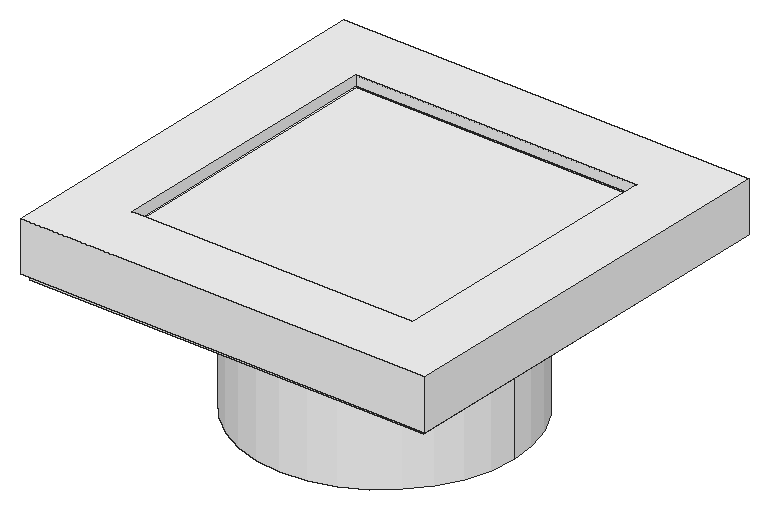
Revit family "Gira_012603", category Electrical Fixtures, host Face, Revit 2017
Family settings
  Host = Face
  Maintain Annotation Orientation = Yes
  Round Connector Dimension = Use Diameter
  Part Type = Normal
  Cut with Voids When Loaded = No
  Shared = No
  Room Calculation Point = No
Parameters (values of type "PB sw. off/2-way System 55 p.white")
  With mounting plate = "No"
  Wiring system = "Two-way switch"
  White [instance] = White
  Washing machine switch = "No"
  URL = "http://katalog.gira.de/en/datenblatt.html?artikelnr=012603"
  Type of fastening = "Mounting with claw and screw"
  Surface protection = "Other"
  Surface finishing = "Glossy"
  Suitable for degree of protection (IP) = "IP20"
  Rated current = "10"
  RAL-number (akin) = "9010"
  Push button switch = "Yes"
  Number of rockers = "1"
  Number of modules (module system) = "1"
  Nominal voltage = "250"
  Name = "PB sw. off/2-way System 55 p.white"
  Mounting method = "Flush mounted (plaster)"
  Model = ""
  Method of operation = "Rocker/button"
  Material quality = "Thermoplastic"
  Material = "Plastic"
  Manufacturer URL = "https://www.gira.de/"
  Manufacturer = "Gira"
  Label space/information surface = "No"
  Illumination = "No"
  HeinzeBIM = "https://bimportal.heinze.de/bim/pb-sw-off-2-way-system-55-p-white/c41e75cf3118a6ad3475fcf659201d7e85b5bd14"
  Halogen free = "Yes"
  HAN = "012603"
  GTIN = "4010337126034"
  Feedback-signal contact = "No"
  Description = "PB sw.off 2-w Sys55 PW,Pushbutton switch 10 AX 250 V~ with rocker,Universal off 2-way switch,pure white glossy,"
  Default Elevation = 1219.2 mm
  Data sheet (1) = "https://katalog.gira.de/en/download.html?artikelnr=012603"
  Connection type = "Plug clamp"
  Colour = "White"
  Category = "Switch"
  BIM (1) = "https://media.stage.bim.site/public/gira/36a6b08/Sys55_Komplettgerät_Schalten und Tasten.rfa?public/gira/36a6b08/Sys55_Komplettgerät_Schalten und Tasten.rfa"
  Available = "No"
  Assembly arrangement = "Basic element with central cover plate"
Reference planes
  plane 1 "Center (Front/Back)": y = 0
  plane 2: z = 0
  plane 3 "Center (Left/Right)": x = 0
Forms (mm)
  Extrusion 1, solid, material "White" <- "White", detail levels medium
    sketch origin (0, 0, 0) x (1, 0, 0) y (0, 1, 0)
      loop
        line (-40.4, 40.4) -> (-40.4, -40.4) -> (40.4, -40.4) -> (40.4, 40.4) -> (-40.4, 40.4)
      loop
        line (-28, 28) -> (-28, -28) -> (28, -28) -> (28, 28) -> (-28, 28)
    from 0 to 10
  Extrusion 2, solid, material "White" <- "White", detail levels fine
    sketch origin (0, 0, 0) x (1, 0, 0) y (0, 1, 0)
      loop
        line (-40.4, 40.4) -> (-40.4, -40.4) -> (40.4, -40.4) -> (40.4, 40.4) -> (-40.4, 40.4)
      loop
        line (-28, 28) -> (-28, -28) -> (28, -28) -> (28, 28) -> (-28, 28)
    from 0 to 10
  Extrusion 3, void
    sketch origin (0, 0, 0) x (1, 0, 0) y (0, 1, 0)
      loop
        line (-38.4, 38.4) -> (-38.4, -38.4) -> (38.4, -38.4) -> (38.4, 38.4) -> (-38.4, 38.4)
    from 0 to 8
  Extrusion 4, solid, material "White" <- "White", detail levels medium+fine
    sketch origin (0, 0, 0) x (1, 0, 0) y (0, 1, 0)
      loop
        line (-39.4, 39.4) -> (-39.4, -39.4) -> (39.4, -39.4) -> (39.4, 39.4) -> (-39.4, 39.4)
    from 0 to -1
  Extrusion 5, solid, material "White" <- "White", detail levels medium+fine
    sketch origin (0, 0, 0) x (1, 0, 0) y (0, 1, 0)
      loop
        line (-35.5, 35.5) -> (-35.5, -35.5) -> (35.5, -35.5) -> (35.5, 35.5) -> (-35.5, 35.5)
    from -2 to -3
  Extrusion 6, solid, material "White" <- "White", detail levels medium+fine
    sketch origin (0, 0, 0) x (1, 0, 0) y (0, 1, 0)
      loop
        circle (0, 0) r 26
    from 0 to -27.5
  Extrusion 7, solid, material "White" <- "White", detail levels coarse
    sketch origin (0, 0, 0) x (1, 0, 0) y (0, 1, 0)
      loop
        line (-40.4, 40.4) -> (-40.4, -40.4) -> (40.4, -40.4) -> (40.4, 40.4) -> (-40.4, 40.4)
    from -27.5 to 10
Cuts and joins
  Extrusion 3 cuts Extrusion 2
Dimensions and locks
  aligned and locked: plane 2 to host face
  aligned and locked: level to host face
  aligned and locked: plane 3 "Center (Left/Right)" to nested 2
  aligned and locked: plane 1 "Center (Front/Back)" to nested 2
Nested families
  nested 1: "Sys55_Abdeckung_Schalten und Tasten_floor_base" at (0, 0, 0), type "Sys55_Abdeckung_Schalten und Tasten_floor_base"
  nested 2: "Schalter" at (0, 0, 0), type "Schalter"
Connectors
  electrical at (0, 0, -27.5)
    settings: on Extrusion 6, index 1, voltage 220 V, apparent load 0 VA, apparent load phase1 0 VA, apparent load phase2 0 VA, apparent load phase3 0 VA, power factor 1, load classification "Other", number of poles 1, system type 30, power factor state 1, is connector primary yes, connector utility no, sub classification motor no, connector description ""
Definition of nested family "Sys55_Abdeckung_Schalten und Tasten_floor_base"
  Parameters
    Default Elevation = 1219.2 mm
    White [instance] = none
  Reference planes
    plane 1 "Center (Front/Back)": y = 0
    plane 2: z = 0
    plane 3 "Center (Left/Right)": x = 0
  Forms (mm)
    Extrusion 1, solid
      sketch origin (0, 0, 0) x (1, 0, 0) y (0, 1, 0)
        loop
          line (-1219.2, 1219.2) -> (-1219.2, -1219.2) -> (1219.2, -1219.2) -> (1219.2, 1219.2) -> (-1219.2, 1219.2)
      from 0 to -304.8
    Extrusion 2, solid, material <- "White", detail levels fine
      sketch origin (0, 0, 0) x (1, 0, 0) y (0, 1, 0)
        loop
          line (-27.5, 27.5) -> (-27.5, -27.5) -> (27.5, -27.5) -> (27.5, 27.5) -> (-27.5, 27.5)
      from 0 to 8
    Extrusion 3, void
      sketch origin (0, 0, 0) x (1, 0, 0) y (0, 1, 0)
        loop
          line (26, 26) -> (-26, 26) -> (-26, -26) -> (26, -26) -> (26, 26)
      from 0 to 6
    Extrusion 4, solid, material <- "White", detail levels medium
      sketch origin (0, 0, 0) x (1, 0, 0) y (0, 1, 0)
        loop
          line (-27.5, 27.5) -> (-27.5, -27.5) -> (27.5, -27.5) -> (27.5, 27.5) -> (-27.5, 27.5)
      from 0 to 8
    Extrusion 5, solid, material <- "White", detail levels medium
      sketch origin (0, 0, 0) x (1, 0, 0) y (0, 1, 0)
        loop
          line (11, -17.5) -> (11, 17.5) -> (-11, 17.5) -> (-11, -17.5) -> (11, -17.5)
      from -6 to 6
    Extrusion 6, solid, material <- "White", detail levels fine
      sketch origin (0, 0, 0) x (1, 0, 0) y (0, 1, 0)
        loop
          line (11, 17.5) -> (-11, 17.5) -> (-11, 16.5) -> (11, 16.5) -> (11, 17.5)
        loop
          line (-11, -16.5) -> (-11, -17.5) -> (11, -17.5) -> (11, -16.5) -> (-11, -16.5)
      from -4 to 6
    Extrusion 7, solid, material <- "White", detail levels fine
      sketch origin (0, 0, 0) x (1, 0, 0) y (0, 1, 0)
        loop
          arc (5, 9.347) -> (0, 10.6) -> (-5, 9.347) r 10.6
          line (-5, 9.347) -> (-5, -9.347)
          arc (-5, -9.347) -> (0, -10.6) -> (5, -9.347) r 10.6
          line (5, -9.347) -> (5, 9.347)
      from -6 to 6
    Extrusion 8, solid, material <- "White", detail levels coarse
      sketch origin (0, 0, 0) x (1, 0, 0) y (0, 1, 0)
        loop
          line (-27.5, 27.5) -> (-27.5, -27.5) -> (27.5, -27.5) -> (27.5, 27.5) -> (-27.5, 27.5)
      from -6 to 8
  Cuts and joins
    Extrusion 3 cuts Extrusion 2
  Dimensions and locks
    aligned and locked: plane 2 to Extrusion 1
    aligned and locked: level to Extrusion 1
Definition of nested family "Schalter"
  Reference planes
    plane 1: y = 0
    plane 2: x = 0
  Lines and regions (mm)
    detail lines
      curve 1: circle (1.375, 2.778, 0) r 0.8 normal (0, 0, 1)
      curve 2: line (1.021, 2.061, 0) -> (0, 0, 0)
      curve 3: line (0, 0, 0) -> (-0.538, 0.266, 0)
  Dimensions and locks
    curve 2 to curve 2 = 2.3 mm
    curve 3 to curve 2 = 0.6 mm
    radius of curve 1 = 0.8 mm
